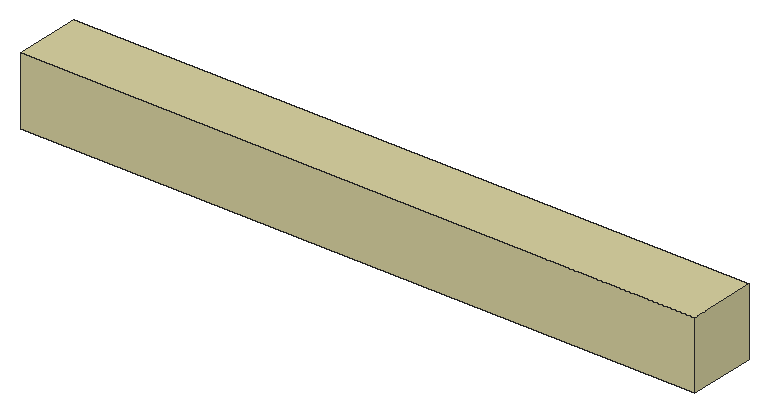
Revit family "СИБИТ_Узел_Перемычка_Высота 300 мм_D600(D700) B3,5", category Обобщенные модели, Revit 2017
Family settings
  Основа = Стена
  Может служить основой для арматурных стержней = Нет
  Размер круглого соединителя = Использовать диаметр
  Тип детали = Нормальный
  Номер OmniClass = 23.25.30.11.14.14
  Заголовок OmniClass = Beams
  Всегда вертикально = Да
  При загрузке вырезать с полостями = Да
  Общий = Да
  Точка расчета площади = Нет
Parameters (values of type "СИБИТ_Узел_Перемычка 300 мм_D600 B3,5")
  Ширина_Перемычка [instance] = 300 mm  # constant formula
  Типоразмер_перемычки_1 [instance] = "ПБ30.3.30-1,2Я-В3,5"  # constant formula
  Типоразмер_перемычки = 1
  Сертификат соответствия = "https://sibyt.ru/docs/lwut3ce_R8_hMIJXyOkKvIdYr3UTfy0A.pdf"
  Расчётная нагрузка, кгс/пог.м [instance] = 2000  # constant formula
  Отступ от плоскости размещения [instance] = 0 mm
  Разработчик модели = "Bimon - сервисный провайдер услуг информационного моделирования"  # constant formula
  Объём, м³ [instance] = 0.27  # constant formula
  Мин. глубина опирания, мм, ненесущая/несущая [instance] = "100/200"  # constant formula
  Материал несущих конструкций = СИБИТ_Перемычки_Газобетон D600 B3,5
  Масса изделия при влажности 25%, кг [instance] = if(Типоразмер_перемычки = 1, 221.7, 255.4)  # 221.7
  Контактный телефон = "+7 (383) 363-90-90"
  Контактный Email = "zavod-sibit@ao-gns.ru"
  Код КСР (ФГИС ЦС) = ""
  Длина_Перемычка [instance] = 3000 mm  # constant formula
  Высота_Перемычка [instance] = 300 mm  # constant formula
  В пачке, шт. [instance] = 6  # constant formula
  Uniclass 2015 Title = "Beams"  # constant formula
  Uniclass 2015 Code = "EF_20_20"  # constant formula
  UNSPSC Title = "Beams"  # constant formula
  UNSPSC Code = "30101700"  # constant formula
  Description = ""
  Ключевая пометка = "04200.B2"
  Omniclass Title = "Beams"  # constant formula
  Omniclass Code = "23.25.30.11.14.14"  # constant formula
  Masterformat Title = ""
  Masterformat Code = ""
  IFC Classification = "Beam"  # constant formula
  Изготовитель = "СИБИТ"  # constant formula
  Model = ""
  URL = "www.sibyt.ru"
  D700 [instance] = Типоразмер_перемычки = 2  # no
  D600 [instance] = Типоразмер_перемычки = 1  # yes
  COBie Category = ""
  Bimon = "www.bimon.ru"
Types (2, lengths in mm): name | Типоразмер_перемычки | Сертификат соответствия | Материал несущих конструкций | Масса изделия при влажности 25%, кг | D700 | D600
  СИБИТ_Узел_Перемычка 300 мм_D700 B3,5 | 2 | "" | СИБИТ_Перемычки_Газобетон D700 B3,5 | 255.4 | yes | no
  СИБИТ_Узел_Перемычка 300 мм_D600 B3,5 | 1 | "https://sibyt.ru/docs/lwut3ce_R8_hMIJXyOkKvIdYr3UTfy0A.pdf" | СИБИТ_Перемычки_Газобетон D600 B3,5 | 221.7 | no | yes
Reference planes
  plane 1 "Стена": y = 0
  plane 2 "По центру (Влево/Вправо)": x = 125
  plane 3 "Назад": y = 150
  plane 4: x = -1375
  plane 5: x = 1625
  plane 6 "1": z = 300
  plane 7: y = 150
  plane 8: y = -150
  plane 9 "УГО": y = 0
Forms (mm)
  Extrusion 1, void
    sketch origin (125, 0, 0) x (0, 1, 0) y (0, 0, 1)
      loop
        line (150, 300) -> (-150, 300) -> (-150, 0) -> (150, 0) -> (150, 300)
    from -1500 to 1500
Lines and regions (mm)
  model lines, detail levels coarse
    curve 1: line (-1375, 0, 0) -> (1625, 0, 0)
  symbolic lines, detail levels coarse
    curve 2: line (-1375, 0, 0) -> (1625, 0, 0)
Text (mm)
  text "Placement Side" at (-1848.837, 1116.779, 0), in view "Опорный уровень"
  text "Placement side" at (0, 1409.804, 2854.306), in view "Слева"
  text "Placement side" at (0, 499.811, 2980.732), in view "Справа"
Dimensions and locks
  locked: plane 3 "Назад" to host wall
  equal spacing: plane 4, plane 2 "По центру (Влево/Вправо)", plane 5
  "Длина_Перемычка": plane 4 to plane 5
  "Высота_Перемычка": level to plane 6 "1"
  "Отступ от плоскости размещения": plane 3 "Назад" to plane 7
  "Ширина_Перемычка": plane 7 to plane 8
  equal spacing: plane 8, plane 9 "УГО", plane 7
  aligned and locked: plane 1 "Стена" to host wall
  aligned and locked: plane 5 to nested 1
  aligned and locked: nested 1 to nested 1
  aligned and locked: nested 1 to plane 7
  aligned and locked: Extrusion 1 to plane 7
  aligned and locked: plane 8 to Extrusion 1
  aligned and locked: Extrusion 1 to level
  aligned and locked: nested 1 to plane 4
  aligned and locked: plane 5 to Extrusion 1
  aligned and locked: Extrusion 1 to plane 4
  aligned and locked: plane 9 "УГО" to curve 1
  aligned and locked: plane 9 "УГО" to curve 2
  aligned and locked: plane 4 to curve 2
  aligned and locked: plane 5 to curve 2
  aligned and locked: Extrusion 1 sketch curve to plane 6 "1"
  aligned and locked: nested 2 to plane 7
  aligned and locked: nested 2 to level
  aligned and locked: nested 1 to level
  aligned and locked: plane 5 to nested 2
Automatic sketch dimensions
  curve 1 to plane 4 = 0 mm
  curve 1 to plane 5 = 0 mm
  Extrusion 1 sketch curve to host wall = 0 mm  (x2)
  Extrusion 1 sketch curve to level = 0 mm
Nested families
  nested 1: "СИБИТ_Перемычка" at (125, 0, 0), Высота <- "Высота_Перемычка", Длина <- "Длина_Перемычка", Ширина <- "Ширина_Перемычка", Тип, марка, обозначение <- "Типоразмер_перемычки_1", Масса изделия при влажности 25%, кг <- "Масса изделия при влажности 25%, кг", Объём, м³ <- "Объём, м³", В пачке, шт. <- "В пачке, шт.", Расчётная нагрузка, кгс/м <- "Расчётная нагрузка, кгс/пог.м", Structural Material <- "Материал несущих конструкций", visible <- "D600", type "СИБИТ_Перемычка D600 B3,5", detail levels medium+fine
    with Ширина 300 mm, Тип, марка, обозначение "ПБ30.3.30-1,2Я-В3,5", Расчётная нагрузка, кгс/м 2000, Объём, м³ 0.27, Мин. глубина опирания, мм, ненесущая/несущая "100/150", built-in parameter 1005500 СИБИТ_Перемычки_Газобетон D600 B3,5, Масса изделия при влажности 25%, кг 221.7, Длина 3000 mm, Высота 300 mm, В пачке, шт. 6
  nested 2: "СИБИТ_Перемычка" at (125, 0, 0), Тип, марка, обозначение <- "Типоразмер_перемычки_1", Масса изделия при влажности 25%, кг <- "Масса изделия при влажности 25%, кг", Объём, м³ <- "Объём, м³", Длина <- "Длина_Перемычка", Ширина <- "Ширина_Перемычка", В пачке, шт. <- "В пачке, шт.", Structural Material <- "Материал несущих конструкций", Расчётная нагрузка, кгс/м <- "Расчётная нагрузка, кгс/пог.м", visible <- "D700", type "СИБИТ_Перемычка D700 B3,5"
    with Ширина 300 mm, Тип, марка, обозначение "ПБ30.3.30-1,2Я-В3,5", Расчётная нагрузка, кгс/м 2000, Объём, м³ 0.27, Мин. глубина опирания, мм, ненесущая/несущая "100/150", built-in parameter 1005500 СИБИТ_Перемычки_Газобетон D600 B3,5, Масса изделия при влажности 25%, кг 221.7, Длина 3000 mm, Высота 300 mm, В пачке, шт. 6
Definition of nested family "СИБИТ_Перемычка"
  Parameters (values of type "СИБИТ_Перемычка D600 B2,5")
    Ширина [instance] = 150 mm
    Тип, марка, обозначение [instance] = ""
    Расчётная нагрузка, кгс/м [instance] = 0
    Description = "СТО 39136230-01-2008"
    Fire Rating = ""
    Объём, м³ [instance] = 0
    Мин. глубина опирания, мм, ненесущая/несущая [instance] = if(Длина = 2500 mm, "100/200", if(Длина = 2000 mm, "100/150", if(Длина = 1500 mm, "100/100", "100/150")))  # "100/150"
    Structural Material [instance] = none
    Масса изделия при влажности 25%, кг [instance] = 0
    Keynote = "04200.B2"
    Manufacturer = "СИБИТ"
    Длина [instance] = 3000 mm
    Model = ""
    Высота [instance] = 300 mm
    В пачке, шт. [instance] = 0
    Uniclass 2015 Title = "Beams"  # constant formula
    Uniclass 2015 Code = "EF_20_20"  # constant formula
    URL = "www.sibyt.ru"
    UNSPSC Title = "Beams"  # constant formula
    UNSPSC Code = "30101700"  # constant formula
    OmniClass Title = "Beams"  # constant formula
    OmniClass Code = "23.25.30.11.14.14"  # constant formula
    Masterformat Title = ""
    Masterformat Code = ""
    IFC Classification = "Beam"  # constant formula
    COBie Category = ""
  Reference planes
    plane 1 "По центру (Вперед/Назад)": y = 0
    plane 2: z = 0
    plane 3 "По центру (Влево/Вправо)": x = 0
    plane 4: y = 75
    plane 5: y = -75
    plane 6: x = -1500
    plane 7: x = 1500
    plane 8: z = 300
  Forms (mm)
    Extrusion 1, solid, material <- "Structural Material"
      sketch origin (0, 0, 0) x (1, 0, 0) y (0, 1, 0)
        loop
          line (-1500, 75) -> (-1500, -75) -> (1500, -75) -> (1500, 75) -> (-1500, 75)
      from 0 to 300
  Dimensions and locks
    equal spacing: plane 4, plane 1 "По центру (Вперед/Назад)", plane 5
    "Ширина": plane 5 to plane 4
    equal spacing: plane 6, plane 3 "По центру (Влево/Вправо)", plane 7
    "Длина": plane 6 to plane 7
    "Высота": plane 8 to plane 2
    aligned and locked: level to plane 2
    aligned and locked: Extrusion 1 to plane 4
    aligned and locked: Extrusion 1 to plane 5
    aligned and locked: Extrusion 1 to plane 6
    aligned and locked: Extrusion 1 to plane 7
    aligned and locked: Extrusion 1 to plane 8
  Automatic sketch dimensions
    Extrusion 1 sketch curve to plane 5 = 0 mm
    Extrusion 1 sketch curve to plane 3 "По центру (Влево/Вправо)" = 1500 mm
    plane 3 "По центру (Влево/Вправо)" to Extrusion 1 sketch curve = 1500 mm
    Extrusion 1 sketch curve to plane 4 = 0 mm
